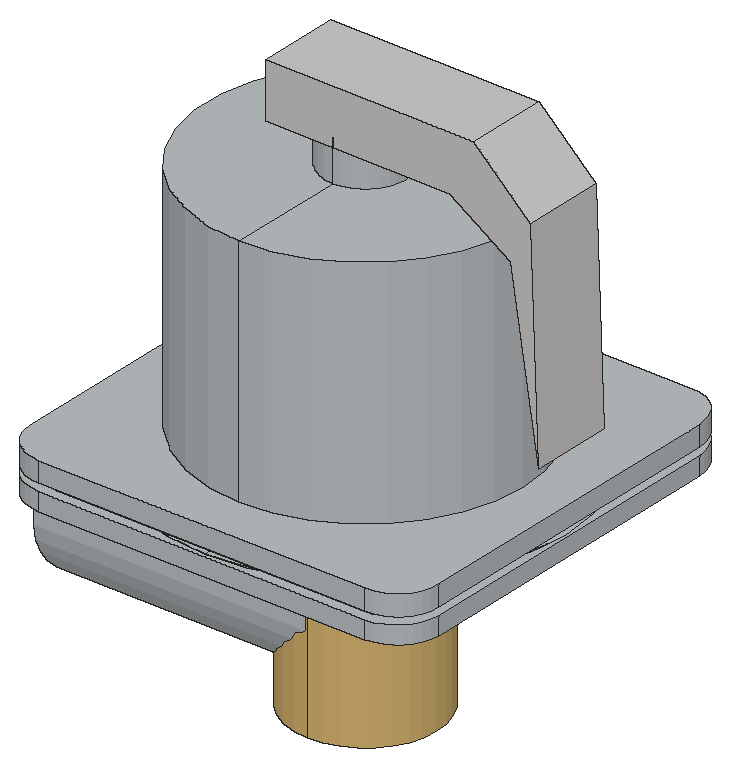
Revit family "Relief_Valve-WATTS-174A-374-740_Series", category Pipe Accessories, Revit 2018
Family settings
  Round Connector Dimension = Use Radius
  Part Type = Valve - Breaks Into
  OmniClass Number = 23.75.65.00
  OmniClass Title = Monitoring and Control Equipment
  Work Plane-Based = No
  Always vertical = Yes
  Cut with Voids When Loaded = No
  Shared = Yes
Parameters (values of type "374A 3/4"")
  Weight = "1.2 lbs. (0.5kg)"
  Warranty Information = "1 Year (Limited)"  # constant formula
  URL = "http://www.watts.com"
  Specification = "Boiler Relief Valves An ASME Section IV certified pressure relief valve shall be installed on each boiler as noted. The valve shall have a BTU rating in excess of the BTU rating of the boiler’s heating output. Each hot water space heating boiler shall be equipped with a pressure relief valve set to relieve below the maximum boiler working pressure. The valve shall feature a raised seat and non-mechanical disc alignment. Working parts and spring shall be isolated from any discharge by a high temperature resistant material.* Valve shall be a Watts Series 174A, 374A or 740."
  Revised Date = "07/21/2021"  # constant formula
  Region = "North America"  # constant formula
  Product Page URL = "https://www.watts.com/products/plumbing-flow-control-solutions/relief-valves/pressure-only-relief-valves/374a"
  Product Documentation Link = "https://www.watts.com/dfsmedia/0533dbba17714b1ab581ab07a4cbb521/20205-source/es-174a-740-pdf"
  Price = "Prices may vary. Please consult Manufacturer Representative for most up-to-date price list."  # constant formula
  Pressure Range = "Rated up to 550,000 BTU/hr at a 30psi (2 bar) setting. (Other settings available)"
  Outlet Radius = Outlet Diameter Connection / 2  # 3/8"
  Outlet Diameter Connection = 3/4"
  Model = "374A 3/4\""
  Maximum Temperature = ""
  Material = "Metal-WATTS-Iron"
  Manufacturer Product Line = "Plumbing & Flow Control Solutions"  # constant formula
  Manufacturer = "WATTS"  # constant formula
  Length = 2 1/2"
  Lenght / 2 = Length / 2  # 1 1/4"
  Inlet Radius = Inlet Diameter Connection / 2  # 3/8"
  Inlet Finish = Metal-WATTS-Brass
  Inlet Diameter Connection = 3/4"
  IAPMO Compliance = "Tested and rated by the National Board of Boiler and Pressure Vessel Inspectors to the requirements of ASME. Meets Military Spec. MIL-V-18634B, Type I, Class 3A, Style A (Bronze Body), Style B (Iron Body)."  # constant formula
  Height = 3 1/2"
  Finish = Metal-WATTS-Iron
  Description = "Series 374A Boiler Pressure Relief Valves are used in hot water boiler applications to protect against excessive pressure on all types of hot water heating boiler equipment. They have an iron body construction with forged bronze inlet connections, non-metallic disc-to-metal seating, stainless steel spring, and test lever. Series 374A resists corrosive water conditions, sticking and freezing, and prevents water and sediment from being trapped in the seat. It is designed for emergency safety relief and shall not be used as an operating control. Standard Pressure Setting: 30psi (206.9 kPa). Pressure range: rated up to 550,000 BTU/hr at a 30psi (2 bar) setting only."
  Creation Date = "1/30/2019"  # constant formula
  Country = "United States"  # constant formula
  Connection Type = "NPT Connection"  # constant formula
  Connection Outlet Description = "3/4\" NPT Female Outlet Connection"
  Connection Inlet Description = "3/4\" NPT Male Inlet Connection"
  Bottom Height = 5/8"
  Assembly Code = "D2090900"
Types (11): name | Weight | Product Page URL | Pressure Range | Outlet Radius | Outlet Diameter Connection | Model | Maximum Temperature | Material | Length | Lenght / 2 | Inlet Radius | Inlet Finish | Inlet Diameter Connection | Height | Finish | Description | Connection Outlet Description | Connection Inlet Description | Bottom Height
  374A 3/4" | "1.2 lbs. (0.5kg)" | "https://www.watts.com/products/plumbing-flow-control-solutions/relief-valves/pressure-only-relief-valves/374a" | "Rated up to 550,000 BTU/hr at a 30psi (2 bar) setting. (Other settings available)" | 3/8" | 3/4" | "374A 3/4\"" | "" | "Metal-WATTS-Iron" | 2 1/2" | 1 1/4" | 3/8" | Metal-WATTS-Brass | 3/4" | 3 1/2" | Metal-WATTS-Iron | "Series 374A Boiler Pressure Relief Valves are used in hot water boiler applications to protect against excessive pressure on all types of hot water heating boiler equipment. They have an iron body construction with forged bronze inlet connections, non-metallic disc-to-metal seating, stainless steel spring, and test lever. Series 374A resists corrosive water conditions, sticking and freezing, and prevents water and sediment from being trapped in the seat. It is designed for emergency safety relief and shall not be used as an operating control. Standard Pressure Setting: 30psi (206.9 kPa). Pressure range: rated up to 550,000 BTU/hr at a 30psi (2 bar) setting only." | "3/4\" NPT Female Outlet Connection" | "3/4\" NPT Male Inlet Connection" | 5/8"
  174A 3/4" X 3/4" | "1.2 lbs. (0.5kg)" | "https://www.watts.com/products/plumbing-flow-control-solutions/relief-valves/pressure-only-relief-valves/174a" | "30psi to 150psi (2 to 10 bar) with corresponding high BTU/hr ratings from 650,000 to 14,370,000 BTU/hr." | 3/8" | 3/4" | "174A 3/4 X 3/4\"" | "250 ºF (121 ºC)" | "Metal-WATTS-Bronze" | 2 3/4" | 1 3/8" | 3/8" | none | 3/4" | 4 1/2" | Metal-WATTS-Bronze | "Series 174A Boiler Pressure Relief Valves are used in hot water heating and domestic supply boiler applications to protect against excessive pressures on all types of hot water heating supply boiler equipment. They have a bronze body construction with NPT threaded female inlet and NPT threaded female outlet (drain) connections, non-metallic disc-to-metal seating, stainless steel spring, and test lever. Series 174A resists corrosive water conditions, sticking, and freezing, and it prevents water and sediment from being trapped in the seat. It is designed for emergency safety relief and shall not be used as an operating control. Standard Pressure Setting: 30psi (206.9 kPa). Pressure Range: In 5psi (34.5 kPa) increments from 30 to 150psi (2 to 10 bar) with corresponding high ratings from 650,000 to 14,370,000 BTU/hr." | "3/4\" NPT Female Outlet Connection" | "3/4\" NPT Male Inlet Connection" | 1"
  174A 1" X 1" | "1.9 lbs. (0.9kg)" | "https://www.watts.com/products/plumbing-flow-control-solutions/relief-valves/pressure-only-relief-valves/174a" | "30psi to 150psi (2 to 10 bar) with corresponding high BTU/hr ratings from 650,000 to 14,370,000 BTU/hr." | 1/2" | 1" | "174A 1\" X 1\"" | "250 ºF (121 ºC)" | "Metal-WATTS-Bronze" | 3" | 1 1/2" | 1/2" | none | 1" | 5 3/4" | Metal-WATTS-Bronze | "Series 174A Boiler Pressure Relief Valves are used in hot water heating and domestic supply boiler applications to protect against excessive pressures on all types of hot water heating supply boiler equipment. They have a bronze body construction with NPT threaded female inlet and NPT threaded female outlet (drain) connections, non-metallic disc-to-metal seating, stainless steel spring, and test lever. Series 174A resists corrosive water conditions, sticking, and freezing, and it prevents water and sediment from being trapped in the seat. It is designed for emergency safety relief and shall not be used as an operating control. Standard Pressure Setting: 30psi (206.9 kPa). Pressure Range: In 5psi (34.5 kPa) increments from 30 to 150psi (2 to 10 bar) with corresponding high ratings from 650,000 to 14,370,000 BTU/hr." | "1\" NPT Female Outlet Connection" | "1\" NPT Male Inlet Connection" | 1"
  174A 1 1/4" X 1 1/4" | "4.6 lbs. (2.1kg)" | "https://www.watts.com/products/plumbing-flow-control-solutions/relief-valves/pressure-only-relief-valves/174a" | "30psi to 150psi (2 to 10 bar) with corresponding high BTU/hr ratings from 650,000 to 14,370,000 BTU/hr." | 5/8" | 1 1/4" | "174A 1 1/4\" X 1 1/4\"" | "250 ºF (121 ºC)" | "Metal-WATTS-Bronze" | 4 1/4" | 2 1/8" | 5/8" | none | 1 1/4" | 8 1/2" | Metal-WATTS-Bronze | "Series 174A Boiler Pressure Relief Valves are used in hot water heating and domestic supply boiler applications to protect against excessive pressures on all types of hot water heating supply boiler equipment. They have a bronze body construction with NPT threaded female inlet and NPT threaded female outlet (drain) connections, non-metallic disc-to-metal seating, stainless steel spring, and test lever. Series 174A resists corrosive water conditions, sticking, and freezing, and it prevents water and sediment from being trapped in the seat. It is designed for emergency safety relief and shall not be used as an operating control. Standard Pressure Setting: 30psi (206.9 kPa). Pressure Range: In 5psi (34.5 kPa) increments from 30 to 150psi (2 to 10 bar) with corresponding high ratings from 650,000 to 14,370,000 BTU/hr." | "1 1/4\" NPT Female Outlet Connection" | "1 1/4\" NPT Male Inlet Connection" | 1 1/2"
  174A 1 1/2" X 1 1/2" | "6.9 lbs. (3.1kg)" | "https://www.watts.com/products/plumbing-flow-control-solutions/relief-valves/pressure-only-relief-valves/174a" | "30psi to 150psi (2 to 10 bar) with corresponding high BTU/hr ratings from 650,000 to 14,370,000 BTU/hr." | 3/4" | 1 1/2" | "174A 1 1/2\" X 1 1/2\"" | "250 ºF (121 ºC)" | "Metal-WATTS-Bronze" | 4 3/4" | 2 3/8" | 3/4" | none | 1 1/2" | 9 1/4" | Metal-WATTS-Bronze | "Series 174A Boiler Pressure Relief Valves are used in hot water heating and domestic supply boiler applications to protect against excessive pressures on all types of hot water heating supply boiler equipment. They have a bronze body construction with NPT threaded female inlet and NPT threaded female outlet (drain) connections, non-metallic disc-to-metal seating, stainless steel spring, and test lever. Series 174A resists corrosive water conditions, sticking, and freezing, and it prevents water and sediment from being trapped in the seat. It is designed for emergency safety relief and shall not be used as an operating control. Standard Pressure Setting: 30psi (206.9 kPa). Pressure Range: In 5psi (34.5 kPa) increments from 30 to 150psi (2 to 10 bar) with corresponding high ratings from 650,000 to 14,370,000 BTU/hr." | "1 1/2\" NPT Female Outlet Connection" | "1 1/2\" NPT Male Inlet Connection" | 1 5/8"
  174A 2" X 2" | "14.4 lbs. (6.5kg)" | "https://www.watts.com/products/plumbing-flow-control-solutions/relief-valves/pressure-only-relief-valves/174a" | "30psi to 150psi (2 to 10 bar) with corresponding high BTU/hr ratings from 650,000 to 14,370,000 BTU/hr." | 1" | 2" | "174A 2\" X 2\"" | "250 ºF (121 ºC)" | "Metal-WATTS-Bronze" | 6 1/2" | 3 1/4" | 1" | none | 2" | 11 1/2" | Metal-WATTS-Bronze | "Series 174A Boiler Pressure Relief Valves are used in hot water heating and domestic supply boiler applications to protect against excessive pressures on all types of hot water heating supply boiler equipment. They have a bronze body construction with NPT threaded female inlet and NPT threaded female outlet (drain) connections, non-metallic disc-to-metal seating, stainless steel spring, and test lever. Series 174A resists corrosive water conditions, sticking, and freezing, and it prevents water and sediment from being trapped in the seat. It is designed for emergency safety relief and shall not be used as an operating control. Standard Pressure Setting: 30psi (206.9 kPa). Pressure Range: In 5psi (34.5 kPa) increments from 30 to 150psi (2 to 10 bar) with corresponding high ratings from 650,000 to 14,370,000 BTU/hr." | "2\" NPT Female Outlet Connection" | "2\" NPT Male Inlet Connection" | 2"
  740 3/4" x 1" | "1.88 lbs. (9kg)" | "https://www.watts.com/products/plumbing-flow-control-solutions/relief-valves/pressure-only-relief-valves/740" | "30psi to 75psi (2 to 5 bar) with corresponding high ratings from 925,000 to 10,700,000 BTU/hr." | 3/8" | 3/4" | "740 3/4\" x 1\"" | "250 ºF (121 ºC)" | "Metal-WATTS-Iron" | 3" | 1 1/2" | 1/2" | none | 1" | 5 5/8" | Metal-WATTS-Iron | "Series 740 Boiler Pressure Relief Valves are used in hot water space heating boiler applications to protect against excessive pressure on all types of hot water space heating boiler equipment. They have an iron body construction with expanded outlet drain connections for hot water space heating boilers, non-metallic disc-to-metal seating, stainless steel spring, and test lever. Series 740 offers large discharge capacity, resists corrosive water conditions, resists sticking and freezing, and prevents water and sediment from being trapped in the seat. It is designed for emergency safety relief and shall not be used as an operating control. Pressure Range: 30 to 75psi (2 to 5 bar) with corresponding high ratings from 925,000 to 10,700,000 BTU/hr." | "3/4\" NPT Female Outlet Connection" | "1\" NPT Male Inlet Connection" | 1"
  740 1" x 1 1/4" | "3.13 lbs. (1.4kg)" | "https://www.watts.com/products/plumbing-flow-control-solutions/relief-valves/pressure-only-relief-valves/740" | "30psi to 75psi (2 to 5 bar) with corresponding high ratings from 925,000 to 10,700,000 BTU/hr." | 1/2" | 1" | "740 1\" x 1 1/4\"" | "250 ºF (121 ºC)" | "Metal-WATTS-Iron" | 3 1/2" | 1 3/4" | 5/8" | none | 1 1/4" | 7 1/4" | Metal-WATTS-Iron | "Series 740 Boiler Pressure Relief Valves are used in hot water space heating boiler applications to protect against excessive pressure on all types of hot water space heating boiler equipment. They have an iron body construction with expanded outlet drain connections for hot water space heating boilers, non-metallic disc-to-metal seating, stainless steel spring, and test lever. Series 740 offers large discharge capacity, resists corrosive water conditions, resists sticking and freezing, and prevents water and sediment from being trapped in the seat. It is designed for emergency safety relief and shall not be used as an operating control. Pressure Range: 30 to 75psi (2 to 5 bar) with corresponding high ratings from 925,000 to 10,700,000 BTU/hr." | "1\" NPT Female Outlet Connection" | "1 1/4\" NPT Male Inlet Connection" | 1 1/2"
  740 1 1/4" x 1 1/2" | "6.13 lbs. (2.8kg)" | "https://www.watts.com/products/plumbing-flow-control-solutions/relief-valves/pressure-only-relief-valves/740" | "30psi to 75psi (2 to 5 bar) with corresponding high ratings from 925,000 to 10,700,000 BTU/hr." | 5/8" | 1 1/4" | "740 1 1/4\" x 1 1/2\"" | "250 ºF (121 ºC)" | "Metal-WATTS-Iron" | 4 5/8" | 2 5/16" | 3/4" | none | 1 1/2" | 8 3/4" | Metal-WATTS-Iron | "Series 740 Boiler Pressure Relief Valves are used in hot water space heating boiler applications to protect against excessive pressure on all types of hot water space heating boiler equipment. They have an iron body construction with expanded outlet drain connections for hot water space heating boilers, non-metallic disc-to-metal seating, stainless steel spring, and test lever. Series 740 offers large discharge capacity, resists corrosive water conditions, resists sticking and freezing, and prevents water and sediment from being trapped in the seat. It is designed for emergency safety relief and shall not be used as an operating control. Pressure Range: 30 to 75psi (2 to 5 bar) with corresponding high ratings from 925,000 to 10,700,000 BTU/hr." | "1 1/4\" NPT Female Outlet Connection" | "1 1/2\" NPT Male Inlet Connection" | 2"
  740 1 1/2" x 2" | "7.50 lbs. (3.4kg)" | "https://www.watts.com/products/plumbing-flow-control-solutions/relief-valves/pressure-only-relief-valves/740" | "30psi to 75psi (2 to 5 bar) with corresponding high ratings from 925,000 to 10,700,000 BTU/hr." | 3/4" | 1 1/2" | "740 1 1/2\" x 2\"" | "250 ºF (121 ºC)" | "Metal-WATTS-Iron" | 5 1/4" | 2 5/8" | 1" | none | 2" | 9 1/4" | Metal-WATTS-Iron | "Series 740 Boiler Pressure Relief Valves are used in hot water space heating boiler applications to protect against excessive pressure on all types of hot water space heating boiler equipment. They have an iron body construction with expanded outlet drain connections for hot water space heating boilers, non-metallic disc-to-metal seating, stainless steel spring, and test lever. Series 740 offers large discharge capacity, resists corrosive water conditions, resists sticking and freezing, and prevents water and sediment from being trapped in the seat. It is designed for emergency safety relief and shall not be used as an operating control. Pressure Range: 30 to 75psi (2 to 5 bar) with corresponding high ratings from 925,000 to 10,700,000 BTU/hr." | "1 1/2\" NPT Female Outlet Connection" | "2\" NPT Male Inlet Connection" | 2"
  740 2" x 2 1/2" | "16.50 lbs. (7.5kg)" | "https://www.watts.com/products/plumbing-flow-control-solutions/relief-valves/pressure-only-relief-valves/740" | "30psi to 75psi (2 to 5 bar) with corresponding high ratings from 925,000 to 10,700,000 BTU/hr." | 1" | 2" | "740 2\" x 2 1/2\"" | "250 ºF (121 ºC)" | "Metal-WATTS-Iron" | 6 3/4" | 3 3/8" | 1 1/4" | none | 2 1/2" | 11 5/8" | Metal-WATTS-Iron | "Series 740 Boiler Pressure Relief Valves are used in hot water space heating boiler applications to protect against excessive pressure on all types of hot water space heating boiler equipment. They have an iron body construction with expanded outlet drain connections for hot water space heating boilers, non-metallic disc-to-metal seating, stainless steel spring, and test lever. Series 740 offers large discharge capacity, resists corrosive water conditions, resists sticking and freezing, and prevents water and sediment from being trapped in the seat. It is designed for emergency safety relief and shall not be used as an operating control. Pressure Range: 30 to 75psi (2 to 5 bar) with corresponding high ratings from 925,000 to 10,700,000 BTU/hr." | "2\" NPT Female Outlet Connection" | "2 1/2\" NPT Male Inlet Connection" | 2 1/2"
Reference planes (in)
  plane 1 "Center (Front/Back)": y = 0
  plane 2: z = 0
  plane 3 "Center (Left/Right)": x = 0
  plane 4: z = 2.875
  plane 5: z = -0.625
  plane 6: z = 0.73437
  plane 7: y = 1.25
  plane 8: y = -1.25
  plane 9: x = 1.25
  plane 10: x = -1.25
  plane 11: x = -1.1875
  plane 12: x = 1.1875
  plane 13: y = 1.1875
  plane 14: y = -1.1875
  plane 15: z = 0.78197
  plane 16: z = 0.90697
  plane 17: z = 0.625
  plane 18: x = -1.6875
  plane 19: y = -0.375
  plane 20: y = 0.375
Forms (in)
  Revolve 1, solid, material "Metal-WATTS-Iron" <- "Finish"
    sketch origin (0, 0, 0) x (0, 1, 0) y (0, 0, 1)
      loop
        line (0.4375, -0.625) -> (0.4375, 0.07459) -> (1.22832, 0.73437) -> (0.96943, 0.73437) -> (0.96943, 2.34062) -> (0.25, 2.34062) -> (0.25, 2.59062) -> (0, 2.59062) -> (0, 0.00056) -> (0.375, 0.00056) -> (0.375, -0.625) -> (0.4375, -0.625)
      axis (0, -0.625) -> (0, 2.59062)
    angle from 0 to 360
  Revolve 2, solid, material "Metal-WATTS-Iron" <- "Finish"
    sketch origin (0, 0, 0) x (-1, 0, 0) y (0, 0, 1)
      loop
        line (1.6875, 0.375) -> (1.6875, 0.4375) -> (0, 0.4375) -> (0, 0.375) -> (1.6875, 0.375)
      axis (1.6875, 0) -> (0, 0)
    angle from 0 to 360
  Extrusion 3, solid, material "Metal-WATTS-Stainless Steel"
    sketch origin (0, 0, 0) x (1, 0, 0) y (0, 0, 1)
      loop
        line (-0.413, 2.875) -> (-0.413, 2.53817) -> (0.72112, 2.53817) -> (1.09117, 2.29508) -> (1.26542, 1.21633) -> (1.21553, 2.54768) -> (0.86506, 2.875) -> (-0.413, 2.875)
    from -0.25 to 0.25
  Extrusion 4, solid, material "Metal-WATTS-Iron" <- "Finish"
    sketch origin (0, 0, 0) x (1, 0, 0) y (0, 1, 0)
      loop
        arc (-1, 1.25) -> (-1.17678, 1.17678) -> (-1.25, 1) r 0.25
        line (-1.25, 1) -> (-1.25, -1)
        arc (-1.25, -1) -> (-1.17678, -1.17678) -> (-1, -1.25) r 0.25
        line (-1, -1.25) -> (1, -1.25)
        arc (1, -1.25) -> (1.17678, -1.17678) -> (1.25, -1) r 0.25
        line (1.25, -1) -> (1.25, 1)
        arc (1.25, 1) -> (1.17678, 1.17678) -> (1, 1.25) r 0.25
        line (1, 1.25) -> (-1, 1.25)
    from 0.625 to 0.73437
  Extrusion 5, solid, material "Metal-WATTS-Iron" <- "Finish"
    sketch origin (0, 0, 0.10938) x (1, 0, 0) y (0, 1, 0)
      loop
        arc (-0.96185, 1.1875) -> (-1.12269, 1.10664) -> (-1.1875, 0.93869) r 0.25
        line (-1.1875, 0.93869) -> (-1.1875, -0.94149)
        arc (-1.1875, -0.94149) -> (-1.11545, -1.11545) -> (-0.94149, -1.1875) r 0.24601
        line (-0.94149, -1.1875) -> (0.93826, -1.1875)
        arc (0.93826, -1.1875) -> (1.1145, -1.1145) -> (1.1875, -0.93826) r 0.24924
        line (1.1875, -0.93826) -> (1.1875, 0.9375)
        arc (1.1875, 0.9375) -> (1.11428, 1.11428) -> (0.9375, 1.1875) r 0.25
        line (0.9375, 1.1875) -> (-0.96185, 1.1875)
    from 0.625 to 0.67259
  Extrusion 6, solid, material "Metal-WATTS-Iron" <- "Finish"
    sketch origin (0, 0, 0.18643) x (1, 0, 0) y (0, 1, 0)
      loop
        arc (-1, 1.25) -> (-1.17678, 1.17678) -> (-1.25, 1) r 0.25
        line (-1.25, 1) -> (-1.25, -1)
        arc (-1.25, -1) -> (-1.17678, -1.17678) -> (-1, -1.25) r 0.25
        line (-1, -1.25) -> (1, -1.25)
        arc (1, -1.25) -> (1.17678, -1.17678) -> (1.25, -1) r 0.25
        line (1.25, -1) -> (1.25, 1)
        arc (1.25, 1) -> (1.17678, 1.17678) -> (1, 1.25) r 0.25
        line (1, 1.25) -> (-1, 1.25)
    from 0.59554 to 0.72054
Lines and regions (in)
  Masking region 1
    outline origin (0, 0, 0) x (1, 0, 0) y (0, 1, 0)
      loop
        arc (-1, 1.25) -> (-1.17678, 1.17678) -> (-1.25, 1) r 0.25
        line (-1.25, 1) -> (-1.25, 0.4375) -> (-1.6875, 0.4375) -> (-1.6875, -0.4375) -> (-1.25, -0.4375) -> (-1.25, -1)
        arc (-1.25, -1) -> (-1.17678, -1.17678) -> (-1, -1.25) r 0.25
        line (-1, -1.25) -> (1, -1.25)
        arc (1, -1.25) -> (1.17678, -1.17678) -> (1.25, -1) r 0.25
        line (1.25, -1) -> (1.25, 1)
        arc (1.25, 1) -> (1.17678, 1.17678) -> (1, 1.25) r 0.25
        line (1, 1.25) -> (-1, 1.25)
  symbolic lines, detail levels fine
    curve 1: line (-0.413, -0.25, 0) -> (0.93664, -0.25, 0)
    curve 2: line (-0.413, 0.25, 0) -> (-0.413, -0.25, 0)
    curve 3: line (0.93664, 0.25, 0) -> (-0.413, 0.25, 0)
  symbolic lines, detail levels medium+fine
    curve 4: line (-1.25, 0.4375, 0) -> (-1.25, -0.4375, 0)
    curve 5: arc (0.93664, 0.25, 0) -> (-0.96943, 0, 0) -> (0.93664, -0.25, 0) r 0.96943
    curve 6: line (0.93664, 0.25, 0) -> (1.25, 0.25, 0)
    curve 7: line (0.93664, -0.25, 0) -> (1.25, -0.25, 0)
Dimensions and locks (in)
  locked: Revolve 1 sketch curve to Revolve 1 sketch curve at 0.25  (x2)
  plane 7 to plane 8 = 2 1/2"
  "Bottom Height": level to plane 5
  "Height": plane 4 to plane 5
  locked: Revolve 2 sketch curve to Revolve 2 sketch curve at 0.0625
  "Outlet Radius": plane 2 to Revolve 2 sketch curve
  equal spacing: plane 10, plane 3 "Center (Left/Right)", plane 9
  locked: plane 18 to plane 10 at 0.4375
  locked: plane 10 to plane 11 at 0.0625
  locked: plane 12 to plane 9 at 0.0625
  locked: plane 7 to plane 13 at 0.0625
  locked: plane 14 to plane 8 at 0.0625
  "Lenght / 2": plane 10 to plane 3 "Center (Left/Right)"
  equal spacing: plane 7, plane 1 "Center (Front/Back)", plane 8
  "Lenght / 2": plane 7 to plane 1 "Center (Front/Back)"
  locked: Revolve 1 sketch curve to Revolve 1 sketch curve at 0.0625
  "Inlet Radius": Revolve 1 sketch curve to plane 1 "Center (Front/Back)"
  locked: plane 4 to Revolve 1 sketch curve at 0.28438
  locked: plane 7 to Revolve 1 sketch curve at 0.28057
  plane 16 to plane 15 to plane 6 to plane 17 = 1/8" locked, 0.04759" locked, 7/64" locked
  equal spacing: plane 17, level, plane 5
  "Outlet Radius": plane 1 "Center (Front/Back)" to plane 20
  "Outlet Radius": plane 19 to plane 1 "Center (Front/Back)"
  locked: Masking region 1 sketch curve to plane 19 at 0.0625
  locked: plane 20 to Masking region 1 sketch curve at 0.0625
  radius of Extrusion 4 sketch curve = 1/4"  (x4)
  radius of Extrusion 5 sketch curve = 0.24601"
  radius of Extrusion 5 sketch curve = 0.24924"
  radius of Extrusion 5 sketch curve = 1/4"  (x2)
  radius of Extrusion 6 sketch curve = 1/4"  (x4)
  aligned and locked: plane 1 "Center (Front/Back)" to Revolve 1 sketch curve
  aligned and locked: plane 6 to Revolve 1
  aligned and locked: Revolve 2 sketch curve to plane 18
  aligned and locked: Revolve 2 sketch curve to plane 3 "Center (Left/Right)"
  aligned and locked: curve 1 to Extrusion 3
  aligned and locked: Extrusion 4 sketch curve to plane 7
  aligned and locked: Extrusion 4 sketch curve to plane 10
  aligned and locked: Extrusion 4 sketch curve to plane 8
  aligned and locked: Extrusion 4 sketch curve to plane 9
  aligned and locked: plane 17 to Extrusion 4
  aligned and locked: Extrusion 4 to Revolve 1
  aligned and locked: plane 15 to Extrusion 5
  aligned and locked: Extrusion 5 to Revolve 1
  aligned and locked: Extrusion 5 sketch curve to plane 13
  aligned and locked: Extrusion 5 sketch curve to plane 12
  aligned and locked: Extrusion 5 sketch curve to plane 14
  aligned and locked: Extrusion 5 sketch curve to plane 11
  aligned and locked: Extrusion 6 to plane 15
  aligned and locked: plane 16 to Extrusion 6
  aligned and locked: Masking region 1 sketch curve to Extrusion 6  (x4)
  aligned and locked: Masking region 1 sketch curve to plane 18
  aligned and locked: plane 10 to curve 4
  aligned and locked: Masking region 1 to curve 4
  aligned and locked: curve 4 to Masking region 1
  aligned and locked: curve 5 to Revolve 1
Automatic sketch dimensions
  Extrusion 3 sketch curve to plane 4 = 0"
  Extrusion 3 sketch curve to plane 3 "Center (Left/Right)" = 0.413"
  Extrusion 3 sketch curve to plane 12 = 0.46638"
  Extrusion 3 sketch curve to plane 12 = 0.32244"
  Extrusion 3 sketch curve to plane 12 = 0.09633"
  plane 12 to Extrusion 3 sketch curve = 0.02803"
  plane 9 to Extrusion 3 sketch curve = 0.01542"
  Extrusion 3 sketch curve to plane 4 = 0.32732"
  Extrusion 3 sketch curve to Extrusion 3 sketch curve = 0.33683"
  Extrusion 3 sketch curve to Extrusion 3 sketch curve = 0.2526"
  plane 16 to Extrusion 3 sketch curve = 0.30936"
  Extrusion 4 sketch curve to Extrusion 4 sketch curve = 0"
  Extrusion 5 sketch curve to Extrusion 5 sketch curve = 0.24881"
  Extrusion 6 sketch curve to plane 10 = 0"
  Extrusion 6 sketch curve to plane 7 = 0"
  Extrusion 6 sketch curve to plane 8 = 0"
  Extrusion 6 sketch curve to plane 9 = 0"
  Extrusion 6 sketch curve to Extrusion 6 sketch curve = 0"
  curve 7 to plane 9 = 0"
  curve 6 to plane 9 = 0"
  curve 2 to plane 3 "Center (Left/Right)" = 0.413"
  plane 1 "Center (Front/Back)" to curve 1 = 1/4"
  curve 3 to plane 1 "Center (Front/Back)" = 1/4"
  Revolve 1 sketch curve to plane 1 "Center (Front/Back)" = 0"
  Revolve 1 sketch curve to plane 6 = 0"
  Revolve 1 sketch curve to plane 5 = 0"
  Revolve 1 sketch curve to plane 7 = 0.02168"
  level to Revolve 1 sketch curve = 0.00056"
  level to Revolve 1 sketch curve = 0.07459"
  plane 4 to Revolve 1 sketch curve = 1 1/4"
  Revolve 1 sketch curve to Revolve 1 sketch curve = 1"
  Revolve 2 sketch curve to level = 0"
  plane 9 to Revolve 2 sketch curve = 2.00945"
  Revolve 2 sketch curve to Revolve 2 sketch curve = 1"
Connectors (in)
  piping at (0, 0, -0.625), diameter 0.75, driven by "Connection Inlet Description", driven by "Inlet Radius"
    settings: on Revolve 1, index 4, connector inside diameter 24", connector length 0", flow factor 0, pipe flow 0 GPM, pressure drop 0.00 psi, fitting loss kfactor 0, connector angle 0.00°, fixture units 0, engagement length 0", angle of deflection 0.00°, flow configuration 0, flow direction 1, fitting loss method 0, system type 29, joint type 0, gender type 0, connector reference index -1, connector utility 0, adjustable connector no, is connector primary yes, connector description "3/4\" NPT Male Inlet Connection"
  piping at (-1.6875, 0, 0), diameter 0.75, driven by "Outlet Radius", driven by "Connection Outlet Description"
    settings: on Revolve 2, index 5, connector inside diameter 24", connector length 0", flow factor 0, pipe flow 0 GPM, pressure drop 0.00 psi, fitting loss kfactor 0, connector angle 0.00°, fixture units 0, engagement length 0", angle of deflection 0.00°, flow configuration 0, flow direction 2, fitting loss method 0, system type 29, joint type 0, gender type 0, connector reference index -1, connector utility 0, adjustable connector no, is connector primary no, connector description "3/4\" NPT Female Outlet Connection"
